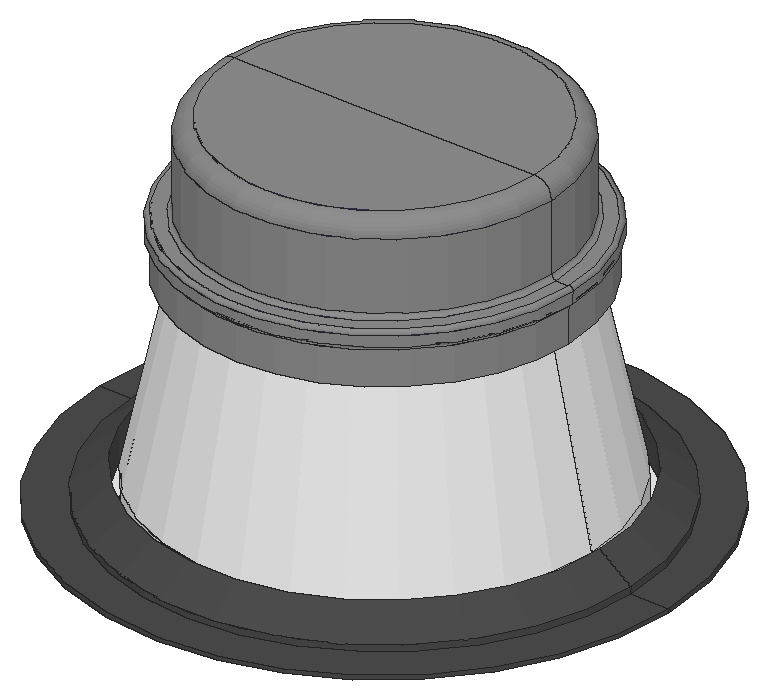
Revit family "50576_BEGA_Revit", category Lighting Fixtures, host Ceiling, Revit 2017
Family settings
  Host = Ceiling
  Round Connector Dimension = Use Diameter
  Part Type = Normal
  OmniClass Number = 23.80.70.11
  OmniClass Title = Luminaries for Internal Lighting
  Always vertical = Yes
  Cut with Voids When Loaded = No
  Light Source = Yes
  Shared = No
  Room Calculation Point = No
Parameters (values of type "STUDIO LINE - recessed ceiling luminaire")
  Wattage = 5.0962 W
  built-in parameter 1150110 = 1 (stored number, unit not read)
  built-in parameter 1114217 = 1 (stored number, unit not read)
  Tilt Angle = 90.00°
  built-in parameter 1150109 = 1 (stored number, unit not read)
  built-in parameter 1150134 = 12
  built-in parameter 1150113 = 1 (stored number, unit not read)
  Photometric Web File = "50576.2K4_BEGA_IES.ies"
  Model = "50 576"
  Manufacturer = "BEGA North America"
  Lumens = 757 lm
  built-in parameter 1150115 = 1 (stored number, unit not read)
  built-in parameter 1150105 = 60.24 (stored number, unit not read)
  built-in parameter 1150137 = (empty or 0)
  built-in parameter 1150139 = (empty or 0)
  built-in parameter 1150112 = 1 (stored number, unit not read)
  built-in parameter 1150114 = 1 (stored number, unit not read)
  built-in parameter 1150132 = 2
  built-in parameter 1150102 = (empty or 0)
  built-in parameter 1150138 = (empty or 0)
  built-in parameter 1150107 = 4000 (stored number, unit not read)
  built-in parameter 1150106 = 0.6024 (stored number, unit not read)
  built-in parameter 1150104 = 13.8 (stored number, unit not read)
  Dimming Lamp Color Temperature Shift = <None>
  Description = "STUDIO LINE - recessed ceiling luminaire"
  Color Filter = 16777215
  built-in parameter 1114218 = 1 (stored number, unit not read)
  built-in parameter 1150133 = 10 (stored number, unit not read)
Types (3): name | Wattage | Photometric Web File | Lumens | built-in parameter 1150105 | built-in parameter 1150106
  (no name) | 5.0962 W | "50576.2K4_BEGA_IES.ies" | 757 lm | 60.24 (stored number, unit not read) | 0.6024 (stored number, unit not read)
  Semi-Recessed ceiling luminaire | 23.2662 W | 0' - 0" | 3456 lm | 275.02 (stored number, unit not read) | 2.7502 (stored number, unit not read)
  STUDIO LINE - recessed ceiling luminaire | 5.0962 W | "50576.2K4_BEGA_IES.ies" | 757 lm | 60.24 (stored number, unit not read) | 0.6024 (stored number, unit not read)
Reference planes (in)
  plane 1 "Light Source Axis (F/B)": y = 0
  plane 2 "Ceiling": z = 96
  plane 3 "Light Source Axis (L/R)": x = 0
  plane 4 "Light Source Elevation": z = 97.62362
Lines and regions (in)
  Opening 1
    outline origin (0, 0, 96) x (1, 0, 0) y (0, 1, 0)
      loop
        circle (0, 0) r 2.36
Dimensions and locks (in)
  equal spacing: host sketch curve, plane 3 "Light Source Axis (L/R)", host sketch curve
  equal spacing: host sketch curve, plane 1 "Light Source Axis (F/B)", host sketch curve
  host sketch curve to host sketch curve = 10' - 0"  (x2)
  aligned and locked: plane 3 "Light Source Axis (L/R)" to imposter light
  aligned and locked: plane 1 "Light Source Axis (F/B)" to imposter light
  aligned and locked: plane 4 "Light Source Elevation" to imposter light
Nested families (in)
  nested 1: "50576" at (0, 0, 96), type "50576"
Definition of nested family "50576"
  Reference planes (in)
    plane 1 "Center (Front/Back)": y = 0
    plane 2: z = 0
    plane 3 "Center (Left/Right)": x = 0
  Forms (in)
    Revolve 1, solid
      sketch origin (0.00423, 0, 12.78364) x (1, 0, 0) y (0, 0, 1)
        loop
          line (0, -10) -> (1.33, -10) -> (1.33, -10.6889) -> (1.455, -10.6889) -> (1.455, -10.8659) -> (1.48625, -10.8659) -> (1.48625, -10.71268)
          arc (1.48625, -10.71268) -> (1.49321, -10.69586) -> (1.51003, -10.6889) r 0.02378
          line (1.51003, -10.6889) -> (1.57473, -10.6889) -> (1.57473, -10.92079) -> (1.55347, -10.95149)
          arc (1.55347, -10.95149) -> (1.54532, -10.96561) -> (1.54249, -10.98168) r 0.04697
          line (1.54249, -10.98168) -> (1.54249, -11.01469) -> (1.61144, -11.01469) -> (1.61144, -10.72564)
          arc (1.61144, -10.72564) -> (1.61916, -10.69968) -> (1.644, -10.6889) r 0.03204
          line (1.644, -10.6889) -> (1.644, -10.60118)
          arc (1.644, -10.60118) -> (1.63308, -10.57482) -> (1.60672, -10.5639) r 0.03728
          line (1.60672, -10.5639) -> (1.49144, -10.5639)
          arc (1.49144, -10.5639) -> (1.46567, -10.55323) -> (1.455, -10.52746) r 0.03644
          line (1.455, -10.52746) -> (1.455, -9.95027)
          arc (1.455, -9.95027) -> (1.41236, -9.84733) -> (1.30942, -9.80469) r 0.14558
          line (1.30942, -9.80469) -> (0, -9.80469) -> (0, -10)
        axis (0, -9.80469) -> (0, -11.01469)
      angle from 0 to 360
    Revolve 2, solid
      sketch origin (0.00423, 0, 13.41307) x (1, 0, 0) y (0, 0, 1)
        loop
          line (1.3189, -11.47306) -> (1.437, -11.47306) -> (1.437, -11.35506) -> (1.29156, -11.35506)
          arc (1.29156, -11.35506) -> (0.66547, -11.5898) -> (0, -11.65481) r 2.5661
          line (0, -11.65481) -> (0, -11.77206)
          arc (0, -11.77206) -> (0.6786, -11.70702) -> (1.3189, -11.47306) r 2.68328
        axis (0, -11.35506) -> (0, -11.77206)
      angle from 0 to 360
    Revolve 3, solid
      sketch origin (0, 0, 5.44) x (1, 0, 0) y (0, 0, 1)
        loop
          line (1.37, -3.5) -> (1.811, -5.516) -> (1.88629, -5.516) -> (1.88629, -5.45741) -> (1.811, -5.45741) -> (1.811, -5.24181) -> (1.42998, -3.5) -> (1.37, -3.5)
        axis (0, -3.5) -> (0, -5.516)
      angle from 0 to 360
    Revolve 4, solid
      sketch origin (0, 0, 6.88477) x (1, 0, 0) y (0, 0, 1)
        loop
          line (1.88629, -6.96076) -> (2.48534, -6.91887) -> (2.48534, -6.88477) -> (2.1546, -6.88477) -> (2.1546, -6.83289) -> (1.88629, -6.63078) -> (1.88629, -6.96076)
        axis (0, -6.63078) -> (0, -6.96076)
      angle from 0 to 360
  Dimensions and locks (in)
    aligned and locked: plane 2 to level
